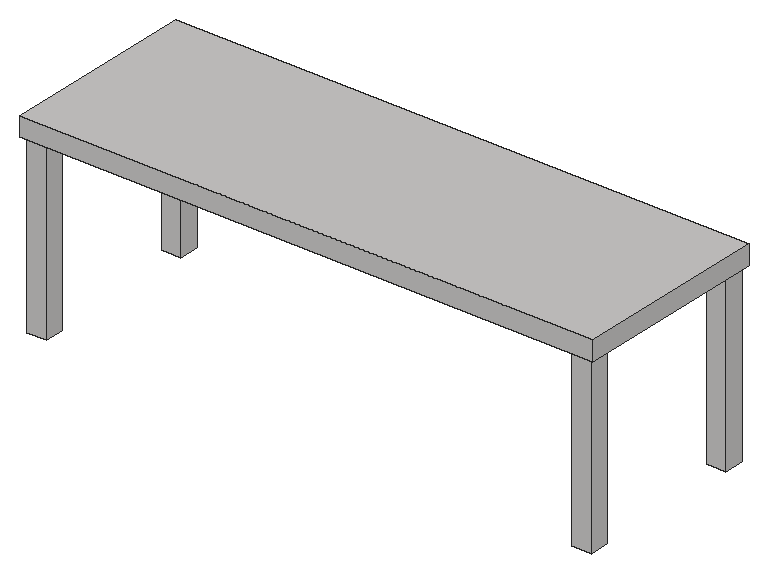
Revit family "QF_ZANUSSI_132965_OSN1L12", category Attrezzature speciali, Revit 2021
Family settings
  Quota connettore circolare = Usa diametro
  Tipo di parte = Normale
  Basato su piano di lavoro = No
  Sempre verticale = Sì
  Taglio con vuoti quando caricato = No
  Condiviso = No
  Punto di calcolo locali = No
Parameters (values of type "Standard")
  Weight = 17.00 kg
  Watts = 0 W
  Volts = 0 V
  URL Manufacturer = "http://www.zanussiprofessional.com"
  URL = "http://www.zanussiprofessional.com"
  Steam Supply Size = 0 mm
  Steam Supply Minimum Pressure = 0.0 Pa
  Steam Supply Maximum Pressure = 0.0 Pa
  Steam Consumption per Hour = 0
  Refrigeration Suction Line Size = 0.0 mm
  Refrigeration Liquid Line Size = 0.0 mm
  Refrigerant Compressor Remote = yes
  Prospetto di default = 0.0 mm
  Phase = 0
  Modello = "OSN1L12"
  Produttore = "Zanussi"
  Length Actual = 1175.0 mm  # constant formula
  Item Number = "132965"
  Hot Water Size = 0 mm
  Height Actual = 400.0 mm  # constant formula
  HP = "0 HP"
  Gas Size = 0 mm
  Gas KW = 0
  Gas Input Pressure = 0 W
  Direct Waste Size = 0 mm
  Descrizione = "OVERSHELF, NEUTRAL, ONE TIER, 1200 MM"
  Depth Actual = 400.0 mm  # constant formula
  Cycle = 0 Hz
  Condensate Return Size = 0 mm
  Compressed Air Volume = 0.0 L/s
  Compressed Air Size = 0 mm
  Compressed Air Pressure = 0.0 Pa
  Cold Water Size = 0 mm
  Accessory = yes
Reference planes
  plane 1 "Center (Front/Back)": y = 0
  plane 2: z = 0
  plane 3 "Center (Left/Right)": x = -87.5
  plane 4 "LEFT": x = -675
  plane 5 "RIGHT": x = 500
  plane 6 "BACK": y = 350
  plane 7 "FRONT": y = -50
  plane 8 "Base": z = 1260
  plane 9 "TOP": z = 1300
  plane 10: x = -647.2
  plane 11: x = 472.2
  plane 12: y = 322.2
  plane 13: y = -22.2
  plane 14: z = 900
Forms (mm)
  Extrusion 1, solid, material "QF_Finishes_Stainless Steel"
    sketch origin (-87.5, 0, 900) x (0, 1, 0) y (0, 0, 1)
      loop
        line (-50, 360) -> (350, 360) -> (350, 400) -> (-50, 400) -> (-50, 360)
    from 587.5 to -587.5
Lines and regions (mm)
  symbolic lines
    curve 1: line (500, 350, 1300) -> (-675, 350, 1300)
    curve 2: line (-675, 350, 1300) -> (-675, -50, 1300)
    curve 3: line (-675, -50, 1300) -> (500, -50, 1300)
    curve 4: line (500, -50, 1300) -> (500, 350, 1300)
    curve 5: line (-675, -50, 1300) -> (500, 350, 1300)
  symbolic lines, style "SpecialityEquipmentHiddenLines"
    curve 6: line (-667.2, -2.2, 1300) -> (-627.2, -2.2, 1300)
    curve 7: line (-627.2, -2.2, 1300) -> (-627.2, -42.2, 1300)
    curve 8: line (-627.2, -42.2, 1300) -> (-667.2, -42.2, 1300)
    curve 9: line (-667.2, -42.2, 1300) -> (-667.2, -2.2, 1300)
    curve 10: line (-667.2, 342.2, 1300) -> (-627.2, 342.2, 1300)
    curve 11: line (-627.2, 342.2, 1300) -> (-627.2, 302.2, 1300)
    curve 12: line (-627.2, 302.2, 1300) -> (-667.2, 302.2, 1300)
    curve 13: line (-667.2, 302.2, 1300) -> (-667.2, 342.2, 1300)
    curve 14: line (452.2, 342.2, 1300) -> (492.2, 342.2, 1300)
    curve 15: line (492.2, 342.2, 1300) -> (492.2, 302.2, 1300)
    curve 16: line (492.2, 302.2, 1300) -> (452.2, 302.2, 1300)
    curve 17: line (452.2, 302.2, 1300) -> (452.2, 342.2, 1300)
    curve 18: line (452.2, -2.2, 1300) -> (492.2, -2.2, 1300)
    curve 19: line (492.2, -2.2, 1300) -> (492.2, -42.2, 1300)
    curve 20: line (492.2, -42.2, 1300) -> (452.2, -42.2, 1300)
    curve 21: line (452.2, -42.2, 1300) -> (452.2, -2.2, 1300)
Dimensions and locks
  plane 4 "LEFT" to plane 5 "RIGHT" = 1175.0 mm
  equal spacing: plane 4 "LEFT", plane 3 "Center (Left/Right)", plane 5 "RIGHT"
  plane 4 "LEFT" to plane 10 = 27.8 mm
  plane 11 to plane 5 "RIGHT" = 27.8 mm
  plane 10 to plane 11 = 1119.4 mm
  plane 6 "BACK" to plane 12 = 27.8 mm
  plane 13 to plane 7 "FRONT" = 27.8 mm
  plane 6 "BACK" to plane 7 "FRONT" = 400.0 mm
  plane 12 to plane 13 = 344.4 mm
  plane 6 "BACK" to plane 1 "Center (Front/Back)" to plane 7 "FRONT" = 350.0 mm, 50.0 mm
  plane 14 to level = 900.0 mm
  locked: plane 8 "Base" to plane 14 at 360
  locked: plane 9 "TOP" to plane 14 at 400
  aligned and locked: level to plane 2
  aligned and locked: plane 10 to nested 1
  aligned and locked: nested 1 to plane 13
  aligned and locked: plane 11 to nested 2
  aligned and locked: nested 2 to plane 13
  aligned and locked: plane 11 to nested 4
  aligned and locked: nested 4 to plane 12
  aligned and locked: plane 10 to nested 3
  aligned and locked: nested 3 to plane 12
  aligned and locked: Extrusion 1 to plane 4 "LEFT"
  aligned and locked: plane 5 "RIGHT" to Extrusion 1
  aligned and locked: curve 2 to plane 4 "LEFT"
Automatic sketch dimensions
  Extrusion 1 sketch curve to plane 7 "FRONT" = 0.0 mm
  Extrusion 1 sketch curve to plane 8 "Base" = 0.0 mm
  Extrusion 1 sketch curve to plane 9 "TOP" = 0.0 mm
  Extrusion 1 sketch curve to plane 6 "BACK" = 0.0 mm
  curve 4 to plane 5 "RIGHT" = 0.0 mm
  curve 4 to plane 7 "FRONT" = 0.0 mm
  curve 4 to plane 6 "BACK" = 0.0 mm
  plane 7 "FRONT" to curve 20 = 7.8 mm
  plane 7 "FRONT" to curve 9 = 7.8 mm
  plane 1 "Center (Front/Back)" to curve 6 = 2.2 mm
  plane 1 "Center (Front/Back)" to curve 21 = 2.2 mm
  curve 11 to plane 12 = 20.0 mm
  curve 17 to plane 12 = 20.0 mm
  curve 15 to plane 6 "BACK" = 7.8 mm
  curve 13 to plane 6 "BACK" = 7.8 mm
  curve 19 to plane 5 "RIGHT" = 7.8 mm
  curve 15 to plane 5 "RIGHT" = 7.8 mm
  curve 16 to plane 11 = 20.0 mm
  curve 18 to plane 11 = 20.0 mm
  plane 10 to curve 11 = 20.0 mm
  plane 10 to curve 6 = 20.0 mm
  plane 4 "LEFT" to curve 9 = 7.8 mm
  plane 4 "LEFT" to curve 10 = 7.8 mm
Nested families
  nested 1: "FEET_40x40_H360" at (-647.2, -22.2, 900), type "FEET_40x40_H360"
  nested 2: "FEET_40x40_H360" at (472.2, -22.2, 900), type "FEET_40x40_H360"
  nested 3: "FEET_40x40_H360" at (-647.2, 322.2, 900), type "FEET_40x40_H360"
  nested 4: "FEET_40x40_H360" at (472.2, 322.2, 900), type "FEET_40x40_H360"
Definition of nested family "FEET_40x40_H360"
  Parameters
    Default Elevation = 0.0 mm
    FEET = 360.0 mm
  Reference planes
    plane 1 "Center (Front/Back)": y = 0
    plane 2: z = 0
    plane 3 "Center (Left/Right)": x = 0
    plane 4: z = 360
  Forms (mm)
    Extrusion 1, solid
      sketch origin (0, 0, 0) x (1, 0, 0) y (0, 1, 0)
        loop
          line (-20, -20) -> (20, -20) -> (20, 20) -> (-20, 20) -> (-20, -20)
      from 0 to 360
  Lines and regions (mm)
    symbolic lines
      curve 1: line (0, -1.503, 0) -> (0, 1.508, 0)
      curve 2: line (1.561, 0, 0) -> (-1.439, 0, 0)
  Dimensions and locks
    "FEET": plane 4 to plane 2
    aligned and locked: level to plane 2
  Automatic sketch dimensions
    plane 1 "Center (Front/Back)" to curve 2 = 0.0 mm
    curve 1 to plane 3 "Center (Left/Right)" = 0.0 mm
    curve 2 to plane 3 "Center (Left/Right)" = 1.439 mm
    plane 3 "Center (Left/Right)" to curve 2 = 1.561 mm
    plane 1 "Center (Front/Back)" to curve 1 = 1.503 mm
    curve 1 to plane 1 "Center (Front/Back)" = 1.508 mm
    Extrusion 1 sketch curve to plane 3 "Center (Left/Right)" = 20.0 mm
    plane 3 "Center (Left/Right)" to Extrusion 1 sketch curve = 20.0 mm
    plane 1 "Center (Front/Back)" to Extrusion 1 sketch curve = 20.0 mm
    Extrusion 1 sketch curve to plane 1 "Center (Front/Back)" = 20.0 mm
